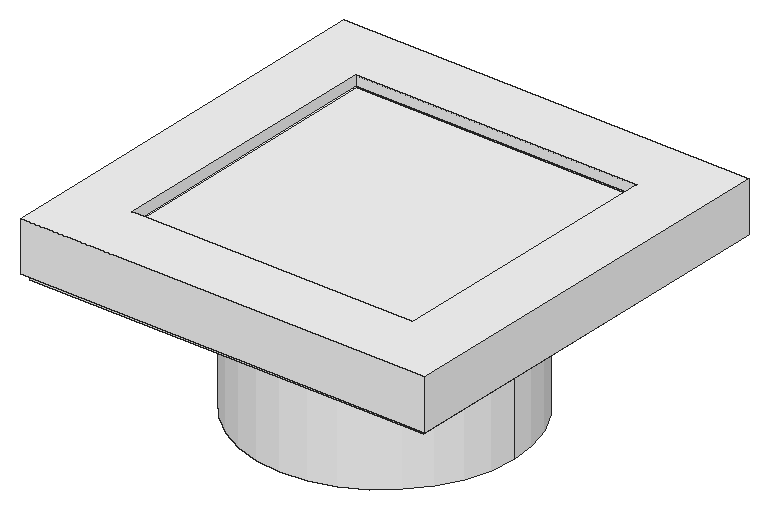
Revit family "Gira_013601", category Electrical Fixtures, host Face, Revit 2017
Family settings
  Host = Face
  Maintain Annotation Orientation = Yes
  Round Connector Dimension = Use Diameter
  Part Type = Normal
  Cut with Voids When Loaded = No
  Shared = No
  Room Calculation Point = No
Parameters (values of type "Tast-Kontroll AusWe System 55 Cremeweiß")
  Zusammenstellung = "Basiselement mit zentraler Abdeckplatte"
  White [instance] = White
  Werkstoffgüte = "sonstige"
  Werkstoff = "sonstige"
  Waschmaschinenschalter = "No"
  URL = "http://katalog.gira.de/de_DE/datenblatt.html?artikelnr=013601"
  Textfeld/Beschriftungsfläche = "nein"
  Tastschalter = "Yes"
  Schaltungsart = "Wechselschalter"
  Rückmeldekontakt = "No"
  Region = "DE"
  RAL-Nummer (ähnlich) = "1013 "
  Oberfläche = "sonstige"
  Nennspannung = "250 Volt"
  Name = "Tast-Kontroll AusWe System 55 Cremeweiß"
  Montageart = "unter Putz"
  Model = "Sys55_Komplettgerät_Schalten und Tasten"
  Mit Montageplatte = "No"
  Manufacturer URL = "https://www.gira.de/"
  HeinzeBIM = "https://bimportal.heinze.de/bim/tast-kontroll-auswe-system-55-cremeweiss/3e25f9c4d2456be0d6dce8fb79efa70de88e6c19"
  Halogenfrei = "Yes"
  HAN = "013601"
  Geeignet für Schutzart (IP) = "IP20"
  GTIN = "4010337136019"
  Farbe = "cremeweiß (elektroweiß)"
  Default Elevation = 1219.2 mm
  Data sheet (1) = "https://katalog.gira.de/de_DE/download.html?artikelnr=013601"
  Category = "Installationsschalter"
  Bemessungsstrom = "10 Ampere"
  Beleuchtungsfunktion = "beleuchtet wenn eingeschaltet"
  Beleuchtungsart = "Glimmlampe"
  Beleuchtung = "ja"
  Befestigungsart = "Krallen-/Schraubbefestigung"
  Bedienungsart = "Wippe/Taste"
  Available = "Yes"
  Ausführung der Oberfläche = "glänzend"
  Anzahl der Module (bei Modulbauweise) = "1 "
  Anzahl der Betätigungswippen = "1 "
  Anschlussart = "Steckklemme"
Reference planes
  plane 1 "Center (Front/Back)": y = 0
  plane 2: z = 0
  plane 3 "Center (Left/Right)": x = 0
Forms (mm)
  Extrusion 1, solid, material "White" <- "White", detail levels medium
    sketch origin (0, 0, 0) x (1, 0, 0) y (0, 1, 0)
      loop
        line (-40.4, 40.4) -> (-40.4, -40.4) -> (40.4, -40.4) -> (40.4, 40.4) -> (-40.4, 40.4)
      loop
        line (-28, 28) -> (-28, -28) -> (28, -28) -> (28, 28) -> (-28, 28)
    from 0 to 10
  Extrusion 2, solid, material "White" <- "White", detail levels fine
    sketch origin (0, 0, 0) x (1, 0, 0) y (0, 1, 0)
      loop
        line (-40.4, 40.4) -> (-40.4, -40.4) -> (40.4, -40.4) -> (40.4, 40.4) -> (-40.4, 40.4)
      loop
        line (-28, 28) -> (-28, -28) -> (28, -28) -> (28, 28) -> (-28, 28)
    from 0 to 10
  Extrusion 3, void
    sketch origin (0, 0, 0) x (1, 0, 0) y (0, 1, 0)
      loop
        line (-38.4, 38.4) -> (-38.4, -38.4) -> (38.4, -38.4) -> (38.4, 38.4) -> (-38.4, 38.4)
    from 0 to 8
  Extrusion 4, solid, material "White" <- "White", detail levels medium+fine
    sketch origin (0, 0, 0) x (1, 0, 0) y (0, 1, 0)
      loop
        line (-39.4, 39.4) -> (-39.4, -39.4) -> (39.4, -39.4) -> (39.4, 39.4) -> (-39.4, 39.4)
    from 0 to -1
  Extrusion 5, solid, material "White" <- "White", detail levels medium+fine
    sketch origin (0, 0, 0) x (1, 0, 0) y (0, 1, 0)
      loop
        line (-35.5, 35.5) -> (-35.5, -35.5) -> (35.5, -35.5) -> (35.5, 35.5) -> (-35.5, 35.5)
    from -2 to -3
  Extrusion 6, solid, material "White" <- "White", detail levels medium+fine
    sketch origin (0, 0, 0) x (1, 0, 0) y (0, 1, 0)
      loop
        circle (0, 0) r 26
    from 0 to -27.5
  Extrusion 7, solid, material "White" <- "White", detail levels coarse
    sketch origin (0, 0, 0) x (1, 0, 0) y (0, 1, 0)
      loop
        line (-40.4, 40.4) -> (-40.4, -40.4) -> (40.4, -40.4) -> (40.4, 40.4) -> (-40.4, 40.4)
    from -27.5 to 10
Cuts and joins
  Extrusion 3 cuts Extrusion 2
Dimensions and locks
  aligned and locked: plane 2 to host face
  aligned and locked: level to host face
  aligned and locked: plane 3 "Center (Left/Right)" to nested 2
  aligned and locked: plane 1 "Center (Front/Back)" to nested 2
Nested families
  nested 1: "Sys55_Abdeckung_Schalten und Tasten_floor_base" at (0, 0, 0), type "Sys55_Abdeckung_Schalten und Tasten_floor_base"
  nested 2: "Schalter" at (0, 0, 0), type "Schalter"
Connectors
  electrical at (0, 0, -27.5)
    settings: on Extrusion 6, index 1, voltage 220 V, apparent load 0 VA, apparent load phase1 0 VA, apparent load phase2 0 VA, apparent load phase3 0 VA, power factor 1, load classification "Other", number of poles 1, system type 30, power factor state 1, is connector primary yes, connector utility no, sub classification motor no, connector description ""
Definition of nested family "Sys55_Abdeckung_Schalten und Tasten_floor_base"
  Parameters
    Default Elevation = 1219.2 mm
    White [instance] = none
  Reference planes
    plane 1 "Center (Front/Back)": y = 0
    plane 2: z = 0
    plane 3 "Center (Left/Right)": x = 0
  Forms (mm)
    Extrusion 1, solid
      sketch origin (0, 0, 0) x (1, 0, 0) y (0, 1, 0)
        loop
          line (-1219.2, 1219.2) -> (-1219.2, -1219.2) -> (1219.2, -1219.2) -> (1219.2, 1219.2) -> (-1219.2, 1219.2)
      from 0 to -304.8
    Extrusion 2, solid, material <- "White", detail levels fine
      sketch origin (0, 0, 0) x (1, 0, 0) y (0, 1, 0)
        loop
          line (-27.5, 27.5) -> (-27.5, -27.5) -> (27.5, -27.5) -> (27.5, 27.5) -> (-27.5, 27.5)
      from 0 to 8
    Extrusion 3, void
      sketch origin (0, 0, 0) x (1, 0, 0) y (0, 1, 0)
        loop
          line (26, 26) -> (-26, 26) -> (-26, -26) -> (26, -26) -> (26, 26)
      from 0 to 6
    Extrusion 4, solid, material <- "White", detail levels medium
      sketch origin (0, 0, 0) x (1, 0, 0) y (0, 1, 0)
        loop
          line (-27.5, 27.5) -> (-27.5, -27.5) -> (27.5, -27.5) -> (27.5, 27.5) -> (-27.5, 27.5)
      from 0 to 8
    Extrusion 5, solid, material <- "White", detail levels medium
      sketch origin (0, 0, 0) x (1, 0, 0) y (0, 1, 0)
        loop
          line (11, -17.5) -> (11, 17.5) -> (-11, 17.5) -> (-11, -17.5) -> (11, -17.5)
      from -6 to 6
    Extrusion 6, solid, material <- "White", detail levels fine
      sketch origin (0, 0, 0) x (1, 0, 0) y (0, 1, 0)
        loop
          line (11, 17.5) -> (-11, 17.5) -> (-11, 16.5) -> (11, 16.5) -> (11, 17.5)
        loop
          line (-11, -16.5) -> (-11, -17.5) -> (11, -17.5) -> (11, -16.5) -> (-11, -16.5)
      from -4 to 6
    Extrusion 7, solid, material <- "White", detail levels fine
      sketch origin (0, 0, 0) x (1, 0, 0) y (0, 1, 0)
        loop
          arc (5, 9.347) -> (0, 10.6) -> (-5, 9.347) r 10.6
          line (-5, 9.347) -> (-5, -9.347)
          arc (-5, -9.347) -> (0, -10.6) -> (5, -9.347) r 10.6
          line (5, -9.347) -> (5, 9.347)
      from -6 to 6
    Extrusion 8, solid, material <- "White", detail levels coarse
      sketch origin (0, 0, 0) x (1, 0, 0) y (0, 1, 0)
        loop
          line (-27.5, 27.5) -> (-27.5, -27.5) -> (27.5, -27.5) -> (27.5, 27.5) -> (-27.5, 27.5)
      from -6 to 8
  Cuts and joins
    Extrusion 3 cuts Extrusion 2
  Dimensions and locks
    aligned and locked: plane 2 to Extrusion 1
    aligned and locked: level to Extrusion 1
Definition of nested family "Schalter"
  Reference planes
    plane 1: y = 0
    plane 2: x = 0
  Lines and regions (mm)
    detail lines
      curve 1: circle (1.375, 2.778, 0) r 0.8 normal (0, 0, 1)
      curve 2: line (1.021, 2.061, 0) -> (0, 0, 0)
      curve 3: line (0, 0, 0) -> (-0.538, 0.266, 0)
  Dimensions and locks
    curve 2 to curve 2 = 2.3 mm
    curve 3 to curve 2 = 0.6 mm
    radius of curve 1 = 0.8 mm
